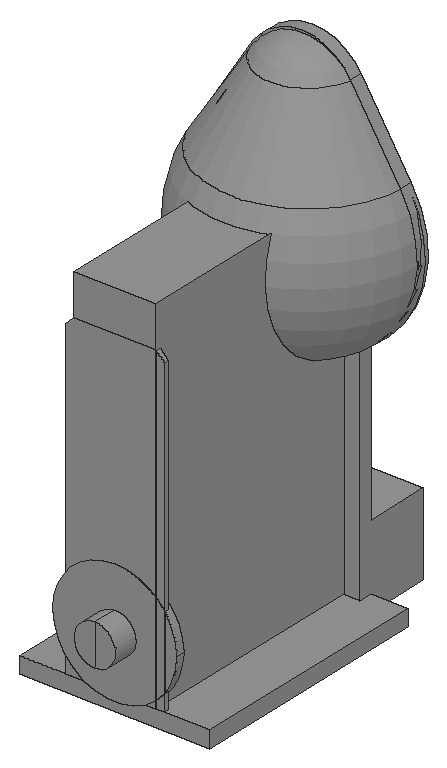
Revit family "Toilet-Willoughby-1490-ETF-FM-BS", category Plumbing Fixtures, host Face, Revit 2014
Parameters (values of type "Standard")
  Waste DIA = 2 1/2"
  Waste Connection = yes
  W-RAD [instance] = Waste DIA / 2  # 0' - 1 1/4"
  Vent Connection = no
  URL = "www.willoughby-ind.com"
  Type Comments = ""
  Revision = "A"
  Model = "ETF-1490-FM-BS"
  Manufacturer = "Willoughby Industries"
  HW Connection = no
  Flush inlet DIA = 1 1/2"
  Flush Inlet Connection = yes
  Fixture Body = Stainless Steel AISI 304-Willoughby
  F-RAD [instance] = Flush inlet DIA / 2  # 0' - 0 3/4"
  Description = "Floor Mounted Toilet"
  Default Elevation = 0' - 0"
  Contact Number = "(800) 428-4065"
  CW Connection = no
Reference planes (in)
  plane 1 "Base": y = -16.25
  plane 2: z = 0
  plane 3 "Center": x = 18.31072
  plane 4 "Waste height": y = -4.75
  plane 5: y = -1.25
  plane 6: z = -6.75
  plane 7: y = -2.125
  plane 8: y = -14.0625
  plane 9: y = 0.5
  plane 10: x = 16.56072
  plane 11: x = 20.06072
  plane 12: x = 11.56072
  plane 13: x = 25.06072
  plane 14: z = 23
  plane 15: z = 30.75
  plane 16: x = 15.81072
  plane 17: x = 20.81072
  plane 18: x = 15.81072
  plane 19: x = 20.81072
  plane 20: z = 4.25
  plane 21: x = 12.56072
  plane 22: x = 24.06072
  plane 23: y = 2.75
Forms (in)
  Extrusion 1, solid, material "Stainless Steel AISI 304-Willoughby" <- "Fixture Body"
    sketch origin (16.08109, 7.47968, -2.20225) x (-1, 0, 0) y (0, 0, -1)
      loop
        line (1.29775, -16.80087) -> (1.29775, -3.20225) -> (-5.72963, -3.20225) -> (-5.72963, -16.81676)
        arc (-5.72963, -16.81676) -> (-8.98136, -21.11843) -> (-8.21015, -26.45542) r 7
        line (-8.21015, -26.45542) -> (-5.16818, -31.31054)
        arc (-5.16818, -31.31054) -> (-2.20225, -32.95225) -> (0.76368, -31.31054) r 3.5
        line (0.76368, -31.31054) -> (3.80565, -26.45542)
        arc (3.80565, -26.45542) -> (4.5729, -21.10311) -> (1.29775, -16.80087) r 7
      loop
        arc (2.03989, -24.70557) -> (-2.20225, -18.23804) -> (-6.44438, -24.70557) r 4.625
        line (-6.44438, -24.70557) -> (-4.04125, -30.23842)
        arc (-4.04125, -30.23842) -> (-2.20225, -31.45225) -> (-0.36324, -30.23842) r 2
        line (-0.36324, -30.23842) -> (2.03989, -24.70557)
    from 8.72968 to 9.5
  Revolve 2, solid, material "Stainless Steel AISI 304-Willoughby" <- "Fixture Body"
    sketch origin (19.37246, -1.52032, 1.00169) x (-1, 0, 0) y (0, 0, -1)
      loop
        line (1.06174, -12.59906) -> (1.06174, -12.84906)
        arc (1.06174, -12.84906) -> (6.91177, -17.54136) -> (5.58904, -24.92315) r 7.34171
        line (5.58904, -24.92315) -> (3.81535, -27.91457)
        arc (3.81535, -27.91457) -> (2.63527, -29.03194) -> (1.06174, -29.43826) r 3.25
        line (1.06174, -29.43826) -> (1.06174, -29.68826)
        arc (1.06174, -29.68826) -> (2.75672, -29.25045) -> (4.02767, -28.04656) r 3.5
        line (4.02767, -28.04656) -> (7.06964, -23.19143)
        arc (7.06964, -23.19143) -> (7.15052, -16.14555) -> (1.06174, -12.59906) r 7
      axis (1.06174, -12.59906) -> (1.06174, -29.68826)
    angle from 0 to -180
  Extrusion 3, solid, material "Stainless Steel AISI 304-Willoughby" <- "Fixture Body"
    sketch origin (19.53334, -3.02032, -4.9508) x (0, 1, 0) y (0, 0, 1)
      loop
        line (-4.42257, 4.9508) -> (1.02643, 4.9508) -> (1.02643, 18.97156)
        arc (1.02643, 18.97156) -> (-2.31062, 20.32275) -> (-4.42257, 23.23845) r 6.52287
        line (-4.42257, 23.23845) -> (-4.42257, 4.9508)
    from 1.27686 to -3.72262
  Extrusion 4, solid, material "Stainless Steel AISI 304-Willoughby" <- "Fixture Body"
    sketch origin (18.31072, 0, -1) x (0, 1, 0) y (0, 0, 1)
      loop
        line (-1.25, 1) -> (2.75, 1) -> (2.75, 6) -> (-1.25, 6) -> (-1.25, 1)
    from -3.52738 to 3.5
  Extrusion 5, solid, material "Stainless Steel AISI 304-Willoughby" <- "Fixture Body"
    sketch origin (0, 0, 0) x (1, 0, 0) y (0, 1, 0)
      loop
        circle (18.31072, 0.5) r 0.75
    from -2.46088 to 1
  Extrusion 6, solid, material "Stainless Steel AISI 304-Willoughby" <- "Fixture Body"
    sketch origin (0, -16.25, 0) x (1, 0, 0) y (0, 0, 1)
      loop
        line (24.06072, 0) -> (24.06072, 1) -> (12.56072, 1) -> (12.56072, 0) -> (24.06072, 0)
    from -15 to 0
  Extrusion 7, solid, material "Stainless Steel AISI 304-Willoughby" <- "Fixture Body"
    sketch origin (0, -16.25, 0) x (1, 0, 0) y (0, 0, 1)
      loop
        line (20.81072, 0) -> (20.81072, 23) -> (15.81072, 23) -> (15.81072, 0) -> (20.81072, 0)
    from 0 to -8.80711
  Revolve 8, solid, material "Stainless Steel AISI 304-Willoughby" <- "Fixture Body"
    sketch origin (18.31072, 0, 0) x (0, 1, 0) y (0, 0, 1)
      loop
        line (-17.75, 4.25) -> (-14.08343, 4.25) -> (-14.08343, 5.5) -> (-17.75, 5.5) -> (-17.75, 4.25)
      axis (-14.08343, 4.25) -> (-17.75, 4.25)
    angle from 0 to 360
  Extrusion 9, solid, material "Stainless Steel AISI 304-Willoughby" <- "Fixture Body"
    sketch origin (0, -16.25, 0) x (1, 0, 0) y (0, 0, 1)
      loop
        circle (18.31072, 4.25) r 3.75
    from 0 to -0.5
  Extrusion 10, solid, material "Stainless Steel AISI 304-Willoughby" <- "Fixture Body"
    sketch origin (0, -16.25, 0) x (1, 0, 0) y (0, 0, 1)
      loop
        line (20.81072, 1) -> (21.31072, 1) -> (21.31072, 20) -> (20.81072, 20.5) -> (15.81072, 20.5) -> (15.31072, 20) -> (15.31072, 1) -> (15.81072, 1) -> (20.81072, 1)
    from 0 to -0.25
Cuts and joins
  joined: Extrusion 1, Extrusion 3, Extrusion 4, Extrusion 6, Extrusion 7
Lines and regions (in)
  symbolic lines
    curve 1: line (12.56072, -16.25, 0) -> (12.56072, -1.25, 0)
    curve 2: line (12.56072, -1.25, 0) -> (24.06072, -1.25, 0)
    curve 3: line (24.06072, -1.25, 0) -> (24.06072, -16.25, 0)
    curve 4: line (24.06072, -16.25, 0) -> (12.56072, -16.25, 0)
    curve 5: line (14.78334, -1.25, 0) -> (14.78334, 2.75, 0)
    curve 6: line (14.78334, 2.75, 0) -> (21.81072, 2.75, 0)
    curve 7: line (21.81072, 2.75, 0) -> (21.81072, -1.25, 0)
    curve 8: line (11.28334, -2.02032, 0) -> (11.28334, -1.25, 0)
    curve 9: line (11.28334, -1.25, 0) -> (25.28334, -1.25, 0)
    curve 10: line (25.28334, -1.25, 0) -> (25.28334, -2.02032, 0)
    curve 11: arc (25.28334, -2.02032, 0) -> (23.08111, -6.64837, 0) -> (18.31072, -8.52239, 0) r 6.97585
    curve 12: arc (18.31072, -8.52239, 0) -> (13.52719, -6.64379, 0) -> (11.28334, -2.02032, 0) r 7.0627
    curve 13: line (15.81072, -8.06019, 0) -> (15.81072, -16.25, 0)
    curve 14: line (20.81072, -8.06397, 0) -> (20.81072, -16.25, 0)
    curve 23: arc (21.81072, -16.25, 14.61451) -> (25.06245, -16.25, 18.91618) -> (24.29124, -16.25, 24.25317) r 7
    curve 24: line (24.29124, -16.25, 24.25317) -> (21.24927, -16.25, 29.1083)
    curve 25: arc (21.24927, -16.25, 29.1083) -> (18.28334, -16.25, 30.75) -> (15.31741, -16.25, 29.1083) r 3.5
    curve 26: line (15.31741, -16.25, 29.1083) -> (12.35249, -16.25, 24.379)
    curve 27: arc (12.35249, -16.25, 24.379) -> (11.49002, -16.25, 18.97236) -> (14.78334, -16.25, 14.59862) r 7
    curve 28: line (12.56072, -16.25, 0) -> (24.06072, -16.25, 0)
    curve 29: line (24.06072, -16.25, 0) -> (24.06072, -16.25, 1)
    curve 30: line (24.06072, -16.25, 1) -> (21.81072, -16.25, 1)
    curve 31: line (14.78334, -16.25, 1) -> (12.56072, -16.25, 1)
    curve 32: line (12.56072, -16.25, 1) -> (12.56072, -16.25, 0)
    curve 39: line (18.31072, -16.25, 0) -> (18.31072, 2.75, 0)
    curve 40: line (18.31072, 2.75, 0) -> (18.31072, 2.75, 5)
    curve 41: line (18.31072, 2.75, 5) -> (18.31072, -1.25, 5)
    curve 42: line (18.31072, -1.25, 5) -> (18.31072, -1.25, 30.75)
    curve 43: line (18.31072, -1.25, 30.75) -> (18.31072, -2.02032, 30.75)
    curve 44: arc (18.31072, -2.02032, 30.75) -> (18.31072, -3.30775, 30.20786) -> (18.31072, -4.32667, 29.25224) r 3.95799
    curve 45: line (18.31072, -4.32667, 29.25224) -> (18.31072, -7.52822, 24.19312)
    curve 46: arc (18.31072, -7.52822, 24.19312) -> (18.31072, -7.8446, 23.61437) -> (18.31072, -8.08458, 23) r 5.16145
    curve 47: line (18.31072, -7.5944, 23) -> (18.31072, -16.25, 23)
    curve 48: line (18.31072, -16.25, 23) -> (18.31072, -16.25, 0)
    curve 49: line (18.31072, -16.25, 1) -> (18.31072, -2.02032, 1)
    curve 50: line (18.31072, -2.02032, 0) -> (18.31072, -2.02032, 14.0236)
    curve 51: arc (18.31072, -2.02032, 14.0236) -> (18.31072, -4.33607, 14.70091) -> (18.31072, -6.27296, 16.13962) r 6.84521
    curve 52: arc (18.31072, -6.27296, 16.13962) -> (18.31072, -7.60685, 18.26418) -> (18.31072, -8.03719, 20.73557) r 6.50212
    curve 53: arc (18.31072, -8.03719, 20.73557) -> (18.31072, -7.91305, 21.88681) -> (18.31072, -7.5944, 23) r 6.76463
    curve 54: line (14.78334, -16.25, 14.59862) -> (14.78334, -16.25, 1)
    curve 55: line (21.81072, -16.25, 14.61451) -> (21.81072, -16.25, 1)
    curve 56: line (21.81072, -16.25, 5) -> (14.78334, -16.25, 5)
  symbolic lines, detail levels fine
    curve 15: line (14.56072, -16.25, 0) -> (14.56072, -15.75, 0)
    curve 16: line (14.56072, -15.75, 0) -> (15.81072, -15.75, 0)
    curve 17: line (20.81072, -15.75, 0) -> (22.06072, -15.75, 0)
    curve 18: line (22.06072, -15.75, 0) -> (22.06072, -16.25, 0)
    curve 19: line (21.31072, -16.25, 0) -> (21.31072, -16, 0)
    curve 20: line (21.31072, -16, 0) -> (20.81072, -16, 0)
    curve 21: line (15.31072, -16.25, 0) -> (15.31072, -16, 0)
    curve 22: line (15.31072, -16, 0) -> (15.81072, -16, 0)
  symbolic lines, detail levels medium+fine
    curve 33: arc (14.78334, -16.25, 5.52282) -> (14.56072, -16.25, 4.25) -> (14.78334, -16.25, 2.97718) r 3.75
    curve 34: arc (21.81072, -16.25, 2.90371) -> (22.06072, -16.25, 4.25) -> (21.81072, -16.25, 5.59629) r 3.75
    curve 35: line (22.52547, -16.25, 22.50332) -> (20.12234, -16.25, 28.03617)
    curve 36: arc (20.12234, -16.25, 28.03617) -> (18.28334, -16.25, 29.2424) -> (16.44433, -16.25, 28.03617) r 2.00498
    curve 37: line (16.44433, -16.25, 28.03617) -> (14.0412, -16.25, 22.50332)
    curve 38: arc (14.0412, -16.25, 22.50332) -> (18.28334, -16.25, 16.0358) -> (22.52547, -16.25, 22.50332) r 4.625
Dimensions and locks (in)
  plane 1 "Base" to plane 4 "Waste height" = 0' - 11 1/2"
  plane 1 "Base" to plane 5 = 1' - 3"
  locked: plane 1 "Base" to plane 9 at 16.75
  level to plane 15 = 2' - 6 3/4"
  plane 21 to plane 22 = 0' - 11 1/2"  (x2)
  plane 13 to plane 22 = 0' - 1"
  plane 18 to plane 19 = 0' - 5"
  "F-RAD": radius of Extrusion 5 sketch curve
  aligned and locked: plane 2 to host face
  aligned and locked: level to host face
  aligned and locked: plane 9 to Extrusion 5 sketch curve
  aligned and locked: plane 3 "Center" to Extrusion 5 sketch curve
  aligned and locked: Revolve 8 sketch curve to Revolve 8 sketch curve  (x2)
Automatic sketch dimensions
  host sketch curve to host sketch curve = 2' - 10.4274"
  host sketch curve to host sketch curve = 3' - 0.36225"
  Extrusion 1 sketch curve to Extrusion 1 sketch curve = 0' - 0"  (x8)
  level to Extrusion 1 sketch curve = 0' - 1"
  plane 3 "Center" to Extrusion 1 sketch curve = 0' - 5.98052"
  Extrusion 1 sketch curve to Extrusion 1 sketch curve = 0' - 1.76576"  (x2)
  plane 3 "Center" to Extrusion 1 sketch curve = 0' - 3 1/2"
  plane 3 "Center" to Extrusion 1 sketch curve = 0' - 2.93855"
  Extrusion 1 sketch curve to Extrusion 1 sketch curve = 0' - 1.12693"  (x2)
  Extrusion 1 sketch curve to plane 3 "Center" = 0' - 0.02738"  (x2)
  Extrusion 1 sketch curve to plane 3 "Center" = 0' - 1.86639"
  Extrusion 1 sketch curve to plane 3 "Center" = 0' - 3.52738"
  Extrusion 1 sketch curve to plane 3 "Center" = 0' - 4 69/256"
  Extrusion 1 sketch curve to Extrusion 1 sketch curve = 1' - 1.59862"
  Extrusion 1 sketch curve to Extrusion 1 sketch curve = 0' - 0.01589"
  Extrusion 1 sketch curve to Extrusion 1 sketch curve = 0' - 6.06218"
  Extrusion 1 sketch curve to Extrusion 1 sketch curve = 0' - 1.74985"
  Extrusion 1 sketch curve to Extrusion 1 sketch curve = 0' - 4.74668"
  Extrusion 1 sketch curve to Extrusion 1 sketch curve = 0' - 0.78617"
  Extrusion 1 sketch curve to Extrusion 1 sketch curve = 0' - 1.07212"
  Extrusion 4 sketch curve to level = 0' - 0"
  Extrusion 4 sketch curve to plane 5 = 0' - 0"
  Extrusion 4 sketch curve to plane 9 = 0' - 2 1/4"
  level to Extrusion 4 sketch curve = 0' - 5"
  Extrusion 6 sketch curve to level = 0' - 0"
  level to Extrusion 6 sketch curve = 0' - 1"
  plane 12 to Extrusion 6 sketch curve = 0' - 1"
  Extrusion 6 sketch curve to plane 13 = 0' - 1"
  Extrusion 7 sketch curve to level = 0' - 0"
  Extrusion 7 sketch curve to plane 10 = 0' - 0 3/4"
  plane 11 to Extrusion 7 sketch curve = 0' - 0 3/4"
  Extrusion 7 sketch curve to plane 14 = 0' - 0"
  Extrusion 3 sketch curve to level = 0' - 0"
  plane 4 "Waste height" to Extrusion 3 sketch curve = 0' - 2.69289"
  plane 7 to Extrusion 3 sketch curve = 0' - 0.13111"
  plane 5 to Extrusion 3 sketch curve = 0' - 0.05941"
  Extrusion 3 sketch curve to plane 14 = 0' - 2.49238"
  Extrusion 3 sketch curve to Extrusion 3 sketch curve = 0' - 6.48686"
  Revolve 2 sketch curve to plane 3 "Center" = 0' - 0"  (x3)
  plane 3 "Center" to Revolve 2 sketch curve = 0' - 0"
  Revolve 2 sketch curve to plane 11 = 0' - 0.72567"
  plane 18 to Revolve 2 sketch curve = 0' - 0.25361"
  Revolve 2 sketch curve to Revolve 2 sketch curve = 0' - 0.21232"
  plane 12 to Revolve 2 sketch curve = 0' - 0.7421"
  Revolve 2 sketch curve to plane 15 = 0' - 0.06005"
  Revolve 2 sketch curve to Revolve 2 sketch curve = 0' - 0 1/4"  (x2)
  Revolve 2 sketch curve to plane 15 = 0' - 1.70176"
  Revolve 2 sketch curve to Revolve 2 sketch curve = 0' - 0.13199"
  plane 14 to Revolve 2 sketch curve = 0' - 1.19312"
  Revolve 2 sketch curve to plane 14 = 0' - 1.87935"
  Revolve 2 sketch curve to Revolve 2 sketch curve = 0' - 0.51991"
  plane 18 to Revolve 2 sketch curve = 0' - 2.0273"
  plane 14 to Revolve 2 sketch curve = 0' - 0.93995"
  Revolve 2 sketch curve to Revolve 2 sketch curve = 0' - 2.4108"
  Extrusion 9 sketch curve to plane 3 "Center" = 0' - 0"
  Extrusion 9 sketch curve to plane 20 = 0' - 0"
  plane 18 to Extrusion 10 sketch curve = 0' - 0"  (x2)
  plane 19 to Extrusion 10 sketch curve = 0' - 0"  (x2)
  Extrusion 10 sketch curve to Extrusion 10 sketch curve = 0' - 0 1/2"  (x3)
  Extrusion 10 sketch curve to plane 19 = 0' - 0 1/2"
  level to Extrusion 10 sketch curve = 0' - 1"
  Extrusion 10 sketch curve to plane 14 = 0' - 3"
  Revolve 8 sketch curve to plane 20 = 0' - 0"
  plane 1 "Base" to Revolve 8 sketch curve = 0' - 1 1/2"
  plane 8 to Revolve 8 sketch curve = 0' - 0.02093"
  plane 20 to Revolve 8 sketch curve = 0' - 1 1/4"
  Revolve 8 sketch curve to Revolve 8 sketch curve = 0' - 0"
  plane 5 to curve 8 = 0' - 0"
  plane 5 to curve 2 = 0' - 0"
  curve 2 to plane 21 = 0' - 0"
  plane 1 "Base" to curve 15 = 0' - 0"
  curve 6 to plane 23 = 0' - 0"
  curve 22 to plane 18 = 0' - 0"
  curve 11 to plane 3 "Center" = 0' - 0"
  curve 12 to plane 3 "Center" = 0' - 0"
  curve 17 to plane 19 = 0' - 0"
  curve 4 to plane 22 = 0' - 0"
  curve 9 to plane 12 = 0' - 0.27738"
  curve 15 to plane 1 "Base" = 0' - 0 1/2"
  plane 18 to curve 15 = 0' - 1 1/4"
  plane 18 to curve 6 = 0' - 1.02738"
  plane 3 "Center" to curve 11 = 0' - 0.01288"
  plane 3 "Center" to curve 12 = 0' - 0.01304"
  curve 20 to curve 19 = 0' - 0 1/2"
  curve 6 to plane 19 = 0' - 1"
  curve 19 to curve 17 = 0' - 0 3/4"
  curve 2 to curve 10 = 0' - 1.22262"
  curve 20 to plane 1 "Base" = 0' - 0 1/4"
  curve 18 to curve 18 = 0' - 0 1/2"
  plane 7 to curve 8 = 0' - 0.10468"
  plane 7 to curve 10 = 0' - 0.10468"
  curve 21 to plane 1 "Base" = 0' - 0 1/4"
  plane 18 to curve 21 = 0' - 0 1/2"
  curve 49 to plane 1 "Base" = 0' - 0"
  curve 46 to plane 14 = 0' - 0"
  curve 43 to plane 15 = 0' - 0"
  curve 43 to plane 5 = 0' - 0"
  curve 41 to plane 23 = 0' - 0"
  curve 39 to level = 0' - 0"
  plane 4 "Waste height" to curve 47 = 0' - 2.8444"
  plane 14 to curve 45 = 0' - 1.19312"
  curve 53 to curve 45 = 0' - 0.06618"
  curve 45 to plane 4 "Waste height" = 0' - 0.42333"
  curve 46 to plane 7 = 0' - 1.04173"
  plane 7 to curve 43 = 0' - 0.10468"
  plane 5 to curve 52 = 0' - 0.2866"
  plane 5 to curve 51 = 0' - 0.03668"
  plane 5 to curve 53 = 0' - 0.02415"
  curve 44 to plane 5 = 0' - 0.09792"
  plane 20 to curve 42 = 0' - 0 3/4"
  curve 50 to plane 14 = 0' - 8.9764"
  curve 53 to plane 14 = 0' - 2.41138"
  curve 53 to curve 52 = 0' - 0.0057"
  curve 53 to curve 51 = 0' - 0.24076"
  curve 46 to plane 14 = 0' - 1.56695"
  curve 44 to curve 42 = 0' - 3.86159"
  curve 52 to curve 53 = 0' - 0"
  plane 7 to curve 49 = 0' - 0.10468"
  level to curve 49 = 0' - 1"
  curve 23 to curve 27 = 0' - 0"
  curve 23 to curve 38 = 0' - 0"  (x2)
  curve 27 to curve 38 = 0' - 0"
  curve 33 to curve 34 = 0' - 0"  (x2)
  plane 21 to curve 28 = 0' - 0"
  curve 34 to plane 3 "Center" = 0' - 0"
  plane 22 to curve 28 = 0' - 0"
  curve 32 to level = 0' - 0"
  curve 34 to plane 20 = 0' - 0"
  plane 21 to curve 26 = 0' - 0.20823"
  curve 37 to plane 14 = 0' - 0.49668"
  curve 37 to plane 21 = 0' - 1 123/256"
  plane 18 to curve 54 = 0' - 1.02738"
  plane 18 to curve 26 = 0' - 0.49331"
  curve 37 to plane 10 = 0' - 0.11639"
  curve 27 to plane 3 "Center" = 0' - 0.02738"
  curve 25 to plane 3 "Center" = 0' - 0.02738"
  curve 25 to curve 36 = 0' - 0"
  plane 11 to curve 35 = 0' - 0.06162"
  curve 24 to plane 19 = 0' - 0.43855"
  curve 55 to plane 19 = 0' - 1"
  curve 35 to plane 14 = 0' - 0.49668"
  curve 24 to plane 22 = 0' - 0.23052"
  level to curve 54 = 0' - 1"
  level to curve 55 = 0' - 1"
  curve 54 to curve 37 = 0' - 7.9047"
  curve 27 to curve 55 = 0' - 0.01589"
  curve 23 to plane 14 = 0' - 2.3392"
  curve 36 to plane 15 = 0' - 3.51258"
  curve 36 to curve 25 = 0' - 0.01258"
  curve 25 to curve 37 = 0' - 0.78617"
  curve 37 to curve 26 = 0' - 1.07212"
  curve 34 to plane 20 = 0' - 1.34629"
  curve 33 to plane 20 = 0' - 1.27282"
  curve 56 to curve 34 = 0' - 0.59629"
  radius of Extrusion 9 sketch curve = 0' - 3 3/4"
Connectors (in)
  piping at (18.31072, 0.5, 1), diameter 1.5, driven by "F-RAD", driven by "Flush Inlet Connection"
    settings: on Extrusion 5, index 2, connector inside diameter 1 1/2", connector length 0' - 0", flow factor 0, pipe flow 0 GPM, pressure drop 0.00 psi, fitting loss kfactor 0, connector angle 0.00°, fixture units 0, engagement length 0' - 0", angle of deflection 0.00°, flow configuration 0, flow direction 1, fitting loss method 0, system type 20, joint type 0, gender type 0, connector reference index -1, connector utility 1, adjustable connector no, is connector primary yes, connector description "Flush Inlet"
  piping at (18.31072, -17.75, 4.25), diameter 2.5, driven by "W-RAD", driven by "Waste Connection"
    settings: on Revolve 8, index 4, connector inside diameter 24", connector length 0' - 0", flow factor 0, pipe flow 0 GPM, pressure drop 0.00 psi, fitting loss kfactor 0, connector angle 0.00°, fixture units 0, engagement length 0' - 0", angle of deflection 0.00°, flow configuration 0, flow direction 2, fitting loss method 0, system type 16, joint type 0, gender type 0, connector reference index -1, connector utility 1, adjustable connector no, is connector primary no, connector description "Toilet Waste"
